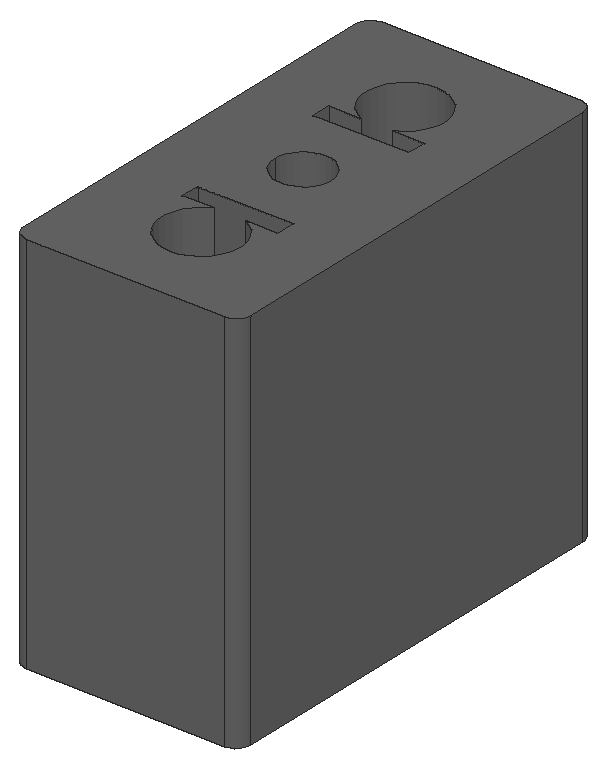
Revit family "Domotics-DomesticRanges-GEWISS-SYSTEM_POWER-SOCKET-OUTLET_EURUSA", category Apparecchi elettrici, host Superficie, Revit 2016
Family settings
  Host = Superficie
  Mantenere orientamento annotazione = Sì
  Tipo di parte = Normale
  Quota connettore circolare = Usa diametro
  Taglio con vuoti quando caricato = Sì
  Condiviso = Sì
  Punto di calcolo locali = Sì
Parameters (values of type "GW21212 - 10/15A 2P+E euroam.socket outlet black")
  Voltage: = "250/125V AC"
  Voltage = "250/125V AC"
  Volt = 230 V
  Vista in pianta [instance] = yes
  Version file RFA = "19.4"
  URL = "https://www.gewiss.com/ww/en"
  Technical sheet = "https://www.gewiss.com/ww/en/search?q=GW21212"
  TXT ELETTRICO = "15"
  TIPO_ = System Prese EuroUsa_GENERICO : GW21212 Presa 2P+T 10/15A standard Euroamericano nero
  Standard: = "Euro-USA"
  Standard = "Euro-USA"
  Simbolo [instance] = yes
  SEO = "Socket outlet"
  Realized by GEWISS S.p.A. = ""
  Default Elevation = 1219.2 mm
  Produttore = "GEWISS S.p.A."
  Offset presa [instance] = 0 mm
  Offset bidimensionale [instance] = 39 mm
  No. SYSTEM modules = "1"
  N. poli = 1
  Modello = "GW21212"
  Immagine tipo = GW21212.jpg
  IFC.TypeObject = ""
  IFC.ExportType = ""
  IFC.ExportAs = ""
  IDT = "88260a28-5918-48bb-9aa9-eb494f58f38c"
  IDF = "d547b78b-161c-4cae-b9ec-3198bc792ba9"
  For plug pins = "Ø 4 mm/ flat"
  Electrocod = "0131"
  EAN code = "8011564128521"
  Distanza_x [instance] = 0 mm
  Distanza_effettiva_y [instance] = 100 mm
  Distanza_effettiva_x [instance] = 1000 mm - Distanza_x  # 1000 mm
  Distanza orizzontale del simbolo [instance] = 57.35 mm
  Distanza dal muro [instance] = 4.208 mm
  Descrizione = "10/15A 2P+E EUROAM.SOCKET OUTLET SY/BK"
  Description: = "2P+E - 10/15A"
  Description. = "Euro-USA"
  Colour = "Black"
  Catalogue Range = "SYSTEM - DOMESTIC RANGE"
  Catalogue = "DOMOTICS"
  Carico apparente = 0 VA
  COBie.Tagnumber = ""
  COBie.CreatedOn = ""
  COBie.CreatebBy = ""
  COBie.ComponentRegisterItemID = ""
  COBie.Component.TagNumber = ""
  COBie.Component.Space = ""
  COBie.Component.SerialNumber = ""
  COBie.Component.InstallationDate = ""
  COBie.Component.Description = ""
  COBie.Component.BarCode = ""
Types (2, lengths in mm): name | Technical sheet | TIPO_ | Modello | Immagine tipo | IDT | EAN code | Descrizione | Colour
  GW20212 - 10/15A 2P+E euroam.socket outlet white | "https://www.gewiss.com/ww/en/search?q=GW20212" | System Prese EuroUsa_GENERICO : GW20212 Presa 2P+T 10/15A standard Euroamericano bianco | "GW20212" | GW20212.jpg | "95d3e272-5fc1-472a-ae70-bcc8ded0e982" | "8011564000650" | "10/15A 2P+E EUROAM.SOCKET OUTLET SY/WT" | "White"
  GW21212 - 10/15A 2P+E euroam.socket outlet black | "https://www.gewiss.com/ww/en/search?q=GW21212" | System Prese EuroUsa_GENERICO : GW21212 Presa 2P+T 10/15A standard Euroamericano nero | "GW21212" | GW21212.jpg | "88260a28-5918-48bb-9aa9-eb494f58f38c" | "8011564128521" | "10/15A 2P+E EUROAM.SOCKET OUTLET SY/BK" | "Black"
Reference planes
  plane 1 "Centro (Fronte/Retro)": y = 0
  plane 2: z = 0
  plane 3 "Centro (Sinistra/Destra)": x = 0
  plane 4: x = -1000
  plane 5: x = 0
  plane 6: y = 100
  plane 7: z = 0
  plane 8: z = 39
Lines and regions (mm)
  Masking region 1, visible <- "Vista in pianta"
    outline origin (0, 0, 0) x (1, 0, 0) y (0, 0, 1)
      loop
        line (-11.5, 39) -> (-11.5, 0) -> (11.5, 0) -> (11.5, 39) -> (-11.5, 39)
  Masking region 2, visible <- "Vista in pianta"
    outline origin (0, 0, 25) x (0, 1, 0) y (0, 0, 1)
      loop
        line (-22.5, 14) -> (-22.5, -25) -> (22.5, -25) -> (22.5, 14) -> (-22.5, 14)
  Masking region 3, visible <- "Vista in pianta"
    outline origin (0, 0, 0) x (1, 0, 0) y (0, 1, 0)
      loop
        line (-11.5, 22.5) -> (-11.5, -22.5) -> (11.5, -22.5) -> (11.5, 22.5) -> (-11.5, 22.5)
      loop
        arc (1.632, 9.293) -> (0, 16.938) -> (-1.632, 9.293) r 3.997
        line (-1.632, 9.293) -> (-4.853, 9.293) -> (-4.853, 7.327) -> (4.853, 7.327) -> (4.853, 9.293) -> (1.632, 9.293)
      loop
        circle (0, 0) r 2.866
      loop
        line (4.853, -7.327) -> (-4.853, -7.327) -> (-4.853, -9.293) -> (-1.632, -9.293)
        arc (-1.632, -9.293) -> (0, -16.938) -> (1.632, -9.293) r 3.997
        line (1.632, -9.293) -> (4.853, -9.293) -> (4.853, -7.327)
  Masking region 4, visible <- "Vista in pianta"
    outline origin (0, 0, 0) x (0, 1, 0) y (0, 0, 1)
      loop
        line (-22.5, 39) -> (-22.5, 0) -> (22.5, 0) -> (22.5, 39) -> (-22.5, 39)
  Masking region 5, visible <- "Vista in pianta"
    outline origin (0, 0, 0) x (1, 0, 0) y (0, 0, 1)
      loop
        line (-11.5, 39) -> (-11.5, 0) -> (11.5, 0) -> (11.5, 39) -> (-11.5, 39)
Dimensions and locks
  plane 4 to plane 3 "Centro (Sinistra/Destra)" = 1000 mm
  "Distanza_effettiva_x": plane 4 to plane 5
  "Distanza_effettiva_y": plane 6 to plane 1 "Centro (Fronte/Retro)"
  "Offset presa": plane 7 to host face
  "Offset bidimensionale": plane 8 to host face
  aligned and locked: plane 2 to host face
  aligned and locked: level to host face
  aligned and locked: plane 3 "Centro (Sinistra/Destra)" to nested 1
  aligned and locked: plane 1 "Centro (Fronte/Retro)" to nested 1
  aligned and locked: plane 5 to nested 2
  aligned and locked: nested 2 to plane 6
  aligned and locked: Masking region 1 sketch curve to nested 1  (x3)
  aligned and locked: nested 1 to Masking region 1 sketch curve
  aligned and locked: Masking region 2 sketch curve to nested 1  (x4)
  aligned and locked: Masking region 3 sketch curve to nested 1  (x2)
  aligned and locked: nested 1 to plane 7
  aligned and locked: Masking region 2 to plane 7
  aligned and locked: plane 7 to nested 1
  aligned and locked: Masking region 4 sketch curve to nested 1  (x4)
  aligned and locked: Masking region 5 sketch curve to nested 1  (x4)
  aligned and locked: plane 8 to import instance
Automatic sketch dimensions
  host sketch curve to host sketch curve = 2438.4 mm  (x2)
  Masking region 3 sketch curve to plane 3 "Centro (Sinistra/Destra)" = 0 mm  (x2)
  Masking region 3 sketch curve to plane 3 "Centro (Sinistra/Destra)" = 4.853 mm  (x2)
  Masking region 3 sketch curve to plane 3 "Centro (Sinistra/Destra)" = 1.632 mm  (x2)
  plane 1 "Centro (Fronte/Retro)" to Masking region 3 sketch curve = 22.5 mm
  Masking region 3 sketch curve to plane 1 "Centro (Fronte/Retro)" = 7.327 mm
  Masking region 3 sketch curve to Masking region 3 sketch curve = 3.648 mm  (x2)
  Masking region 3 sketch curve to Masking region 3 sketch curve = 13.207 mm
  plane 3 "Centro (Sinistra/Destra)" to Masking region 3 sketch curve = 1.632 mm  (x2)
  Masking region 3 sketch curve to Masking region 3 sketch curve = 3.221 mm
  Masking region 3 sketch curve to Masking region 3 sketch curve = 1.966 mm  (x3)
  plane 1 "Centro (Fronte/Retro)" to Masking region 3 sketch curve = 0 mm
  Masking region 3 sketch curve to Masking region 3 sketch curve = 2.866 mm
  plane 1 "Centro (Fronte/Retro)" to Masking region 3 sketch curve = 7.327 mm
  plane 3 "Centro (Sinistra/Destra)" to Masking region 3 sketch curve = 4.853 mm
Nested families
  nested 1: "System Prese EuroUsa_GENERICO" at (0, 0, 0), type <- "TIPO_", type "GW21212 Presa 2P+T 10/15A standard Euroamericano nero", detail levels medium+fine
  nested 2: "SIMBOLO PRESE" at (0, 100, 0), TESTO ELETTRICO <- "TXT ELETTRICO", Distanza dal muro <- "Distanza dal muro", SIMBOLO <- "Simbolo", visible <- "Simbolo", type "PRESA"
    with TESTO ELETTRICO "15", SIMBOLO yes, Distanza dal muro 4.208 mm, BORDO ACCESO yes
Connectors
  electrical at (0, 0, 0), driven by "N. poli", driven by "Volt", driven by "Carico apparente"
    settings: on nested 1, index 1, voltage 230 V, apparent load 0 VA, apparent load phase1 0 VA, apparent load phase2 0 VA, apparent load phase3 0 VA, power factor 1, load classification "Altro", number of poles 1, system type 31, power factor state 1, is connector primary yes, connector utility no, sub classification motor no, connector description ""
Definition of nested family "System Prese EuroUsa_GENERICO"
  Parameters (values of type "GW21212 Presa 2P+T 10/15A standard Euroamericano nero")
    Profondità presa = 39 mm
    Finitura Placca British = none
    Altezza da Terra = 750 mm
  Types (2, lengths in mm): name | Profondità presa
    GW21212 Presa 2P+T 10/15A standard Euroamericano nero | 39
    GW20212 Presa 2P+T 10/15A standard Euroamericano bianco | 20.107
  Reference planes
    plane 1 "Centro (Fronte/Retro)": y = 0
    plane 2: z = 0
    plane 3 "Centro (Sinistra/Destra)": x = 0
    plane 4: x = -11.5
    plane 5: x = 11.5
    plane 6: z = 39
  Forms (mm)
    Extrusion 1, solid, material <- "Finitura Placca British"
      sketch origin (0, -772.5, 39) x (1, 0, 0) y (0, 1, 0)
        loop
          arc (-10, 795) -> (-11.061, 794.561) -> (-11.5, 793.5) r 1.5
          line (-11.5, 793.5) -> (-11.5, 751.5)
          arc (-11.5, 751.5) -> (-11.061, 750.439) -> (-10, 750) r 1.5
          line (-10, 750) -> (10, 750)
          arc (10, 750) -> (11.061, 750.439) -> (11.5, 751.5) r 1.5
          line (11.5, 751.5) -> (11.5, 793.5)
          arc (11.5, 793.5) -> (11.061, 794.561) -> (10, 795) r 1.5
          line (10, 795) -> (-10, 795)
      from 0 to -39
    Extrusion 2, void
      sketch origin (0, -772.5, 39) x (1, 0, 0) y (0, 1, 0)
        loop
          arc (1.632, 781.793) -> (0, 789.438) -> (-1.632, 781.793) r 3.997
          line (-1.632, 781.793) -> (-4.853, 781.793) -> (-4.853, 779.827) -> (4.853, 779.827) -> (4.853, 781.793) -> (1.632, 781.793)
        loop
          circle (0, 772.5) r 2.866
        loop
          line (4.853, 765.173) -> (-4.853, 765.173) -> (-4.853, 763.207) -> (-1.632, 763.207)
          arc (-1.632, 763.207) -> (0, 755.562) -> (1.632, 763.207) r 3.997
          line (1.632, 763.207) -> (4.853, 763.207) -> (4.853, 765.173)
      from 0 to -10
  Cuts and joins
    Extrusion 2 cuts Extrusion 1
  Dimensions and locks
    "Profondità presa": plane 6 to level
    aligned and locked: level to plane 2
    aligned and locked: Extrusion 1 to level
  Automatic sketch dimensions
    Extrusion 1 sketch curve to plane 4 = 0 mm
    Extrusion 1 sketch curve to plane 5 = 0 mm
    plane 4 to Extrusion 1 sketch curve = 1.5 mm  (x2)
    Extrusion 1 sketch curve to plane 5 = 1.5 mm  (x2)
    plane 1 "Centro (Fronte/Retro)" to Extrusion 1 sketch curve = 22.5 mm
    Extrusion 1 sketch curve to plane 1 "Centro (Fronte/Retro)" = 21 mm
    Extrusion 2 sketch curve to plane 3 "Centro (Sinistra/Destra)" = 0 mm  (x2)
    Extrusion 2 sketch curve to plane 1 "Centro (Fronte/Retro)" = 12.942 mm
    Extrusion 2 sketch curve to plane 3 "Centro (Sinistra/Destra)" = 1.632 mm  (x2)
    plane 3 "Centro (Sinistra/Destra)" to Extrusion 2 sketch curve = 1.632 mm  (x2)
    Extrusion 2 sketch curve to Extrusion 2 sketch curve = 3.648 mm  (x2)
    Extrusion 2 sketch curve to Extrusion 2 sketch curve = 3.221 mm  (x2)
    Extrusion 2 sketch curve to Extrusion 2 sketch curve = 1.966 mm  (x3)
    plane 1 "Centro (Fronte/Retro)" to Extrusion 2 sketch curve = 0 mm
    Extrusion 2 sketch curve to plane 3 "Centro (Sinistra/Destra)" = 2.866 mm
    Extrusion 2 sketch curve to plane 3 "Centro (Sinistra/Destra)" = 4.853 mm
    plane 1 "Centro (Fronte/Retro)" to Extrusion 2 sketch curve = 7.327 mm
    plane 3 "Centro (Sinistra/Destra)" to Extrusion 2 sketch curve = 4.853 mm
Definition of nested family "SIMBOLO PRESE"
  Parameters (values of type "PRESA")
    TESTO ELETTRICO [instance] = "TXT"
    Simbolo = SIMBOLO PRESE_BASE : PRESA
    SIMBOLO [instance] = yes
    Distanza dal muro [instance] = 4.208 mm
    BORDO ACCESO [instance] = yes
  Reference planes
    plane 1: y = 0
    plane 2: x = 0
  Dimensions and locks
    aligned and locked: plane 1 to nested 1
    aligned and locked: plane 2 to nested 1
  Nested families
    nested 1: "SIMBOLO PRESE_BASE" at (0, 0, 0), type <- "Simbolo", TESTO ELETTRICO <- "TESTO ELETTRICO", BORDO ACCESO <- "BORDO ACCESO", visible <- "SIMBOLO", type "PRESA"
      with TESTO ELETTRICO "TXT", BORDO ACCESO yes
  Definition of nested family "SIMBOLO PRESE_BASE"
    Parameters (values of type "PRESA")
      TESTO ELETTRICO [instance] = "TXT"
      Distanza dal muro = 4.208 mm
      BORDO ACCESO [instance] = yes
    Reference planes
      plane 1: y = 0
      plane 2: x = 0
    Lines and regions (mm)
      detail lines, visible <- "BORDO ACCESO", not visible
        curve 1: line (-1.743, 9.208, 0) -> (2.057, 9.208, 0)
        curve 2: line (2.057, 9.208, 0) -> (2.057, 4.208, 0)
        curve 3: line (2.057, 4.208, 0) -> (-1.743, 4.208, 0)
        curve 4: line (-1.743, 4.208, 0) -> (-1.743, 9.208, 0)
        curve 5: line (-1.543, 9.008, 0) -> (1.857, 9.008, 0)
        curve 6: line (1.857, 9.008, 0) -> (1.857, 4.408, 0)
        curve 7: line (1.857, 4.408, 0) -> (-1.543, 4.408, 0)
        curve 8: line (-1.543, 4.408, 0) -> (-1.543, 9.008, 0)
      detail lines
        curve 9: line (0.783, 1.133, 0) -> (-0.783, 1.133, 0)
        curve 10: line (0, 1.133, 0) -> (0, 0.349, 0)
        curve 11: arc (-0.783, 1.916, 0) -> (0, 1.133, 0) -> (0.783, 1.916, 0) r 0.783
    Text (mm)
      label "TXT" at (0.016, 1.578, 0), shows "TESTO ELETTRICO"
